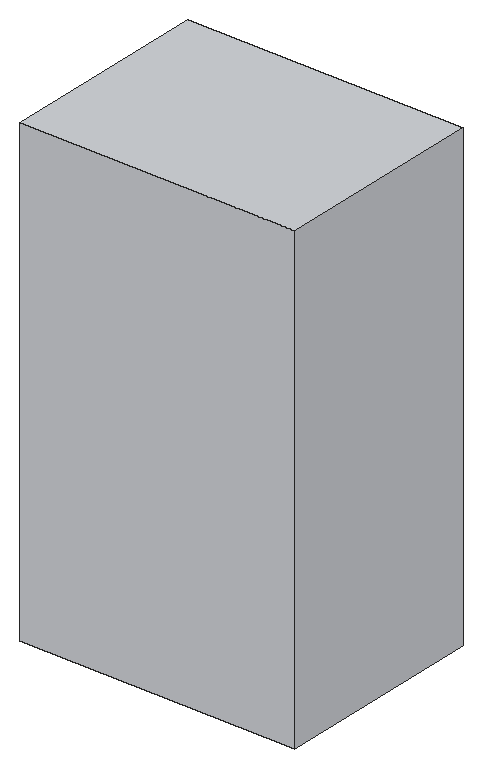
Revit family
Parameters
  Warranty Duration (Years) = 0
  Unit Width [instance] = 1' - 0"
  Unit Height [instance] = 1' - 4"
  Unit Depth = 0' - 0 5/8"
  URL = "http://www.americanspecialties.com/viewCategories.cfm"
  Trim Material = Mirror
  Test Data = ""
  Specification = "http://www.arcat.com/sdspecs/htm/10810asi.htm"
  SpecWizard = ""
  Hardware = Metal - Stainless Steel w/Satin
  Send Message = "http://www.arcat.com/users.pl?action=UserEmail&company=American%20Specialties,%20Inc.&coid=30448&rep=139&fax=914-476-0688&mf="
  Sales Information = "http://www.americanspecialties.com/contact"
  Revision = "R1_10-2010"
  Mirror Radius = 0' - 0 1/32"
  Product Properties = "http://www.americanspecialties.com/datasheets/101.pdf"
  Product Data = "http://www.arcat.com/arcatcos/cos30/arc30448.html"
  Model = "As Specified in 10 28 13"
  Manufacturer Website = "http://www.americanspecialties.com/viewCategories.cfm"
  Manufacturer Phone - Toll Free = ""
  Manufacturer Phone = "914-476-9000 "
  Manufacturer Fax = "914-476-0688"
  Manufacturer Address = "441 Saw Mill River Rd., Yonkers, NY 10701"
  Manufacturer = "American Specialties, Inc."
  Maintenance Schedule (Months) = 0
  Keynote = "10 28 13"
  Installation-Fabrication = "http://www.americanspecialties.com/products.cfm"
  Green Building-LEED = ""
  Frame radius = 0' - 0 1/32"
  Expected Lifespan (Years) = 0
  Drawn By = "Robert S. Weygant. CSI, CDT, SCIP"  # constant formula
  Description = "Toilet Accessory as Specified in 10 28 13"
  Default Elevation = 4' - 0"
  Copyright = "©Arcat Inc."
  Construction Details = "http://www.arcat.com/green/clients/leed_data_30448.html"
  Building Codes = "http://www.americanspecialties.com/products.cfm"
  Body Material = Metal - Stainless Steel w/Satin
  Assembly Code = "C1030210"
Reference planes (in)
  plane 1 "Center (Front/Back)": y = 2.48383
  plane 2 "Floor Line": z = 0
  plane 3 "Center (Left/Right)": x = -0.65843
  plane 4: z = 56
  plane 5: x = -6.65843
  plane 6: x = 5.34157
  plane 7: z = 48
  plane 8: z = 64
  plane 9: y = 10.48383
  plane 10: y = 9.23383
  plane 11: y = -4.26617
  plane 12: y = -5.51617
  plane 13: x = -5.40843
  plane 14: x = 4.09157
  plane 15: z = 0.59375
  plane 16: z = 0.625
  plane 17: z = 0.29687
Forms (in)
  Extrusion 1, solid
    sketch origin (-3, -9, -5.375) x (0, 0, -1) y (1, 0, 0)
      loop
        line (-82, 26) -> (-82, -19.34712) -> (-5.375, -19.34712) -> (-5.375, 26) -> (-82, 26)
    from 9 to -25.60721
  Extrusion 2, solid, material "Metal - Stainless Steel w/Satin" <- "Body Material"
    sketch origin (0, 0, 0) x (1, 0, 0) y (0, 1, 0)
      loop
        arc (-6.62718, 10.48383) -> (-6.64928, 10.47467) -> (-6.65843, 10.45258) r 0.03125
        line (-6.65843, 10.45258) -> (-6.65843, -5.48492)
        arc (-6.65843, -5.48492) -> (-6.64928, -5.50702) -> (-6.62718, -5.51617) r 0.03125
        line (-6.62718, -5.51617) -> (5.31032, -5.51617)
        arc (5.31032, -5.51617) -> (5.33241, -5.50702) -> (5.34157, -5.48492) r 0.03125
        line (5.34157, -5.48492) -> (5.34157, 10.45258)
        arc (5.34157, 10.45258) -> (5.33241, 10.47467) -> (5.31032, 10.48383) r 0.03125
        line (5.31032, 10.48383) -> (-6.62718, 10.48383)
    from 0 to 0.59375
  Extrusion 3, void
    sketch origin (0, 0, 0) x (1, 0, 0) y (0, 1, 0)
      loop
        arc (-5.37718, 9.23383) -> (-5.39928, 9.22467) -> (-5.40843, 9.20258) r 0.03125
        line (-5.40843, 9.20258) -> (-5.40843, -4.23492)
        arc (-5.40843, -4.23492) -> (-5.39928, -4.25702) -> (-5.37718, -4.26617) r 0.03125
        line (-5.37718, -4.26617) -> (4.06032, -4.26617)
        arc (4.06032, -4.26617) -> (4.08241, -4.25702) -> (4.09157, -4.23492) r 0.03125
        line (4.09157, -4.23492) -> (4.09157, 9.20258)
        arc (4.09157, 9.20258) -> (4.08241, 9.22467) -> (4.06032, 9.23383) r 0.03125
        line (4.06032, 9.23383) -> (-5.37718, 9.23383)
    from 0 to 1.55257
  Extrusion 4, solid, material "Mirror" <- "Trim Material"
    sketch origin (0, 0, 0) x (1, 0, 0) y (0, 1, 0)
      loop
        arc (-5.37718, 9.23383) -> (-5.39928, 9.22467) -> (-5.40843, 9.20258) r 0.03125
        line (-5.40843, 9.20258) -> (-5.40843, -4.23492)
        arc (-5.40843, -4.23492) -> (-5.39928, -4.25702) -> (-5.37718, -4.26617) r 0.03125
        line (-5.37718, -4.26617) -> (4.06032, -4.26617)
        arc (4.06032, -4.26617) -> (4.08241, -4.25702) -> (4.09157, -4.23492) r 0.03125
        line (4.09157, -4.23492) -> (4.09157, 9.20258)
        arc (4.09157, 9.20258) -> (4.08241, 9.22467) -> (4.06032, 9.23383) r 0.03125
        line (4.06032, 9.23383) -> (-5.37718, 9.23383)
    from 0 to 0.29687
  Extrusion 5, solid, material "Metal - Stainless Steel w/Satin" <- "Hardware"
    sketch origin (0, 0, 0) x (1, 0, 0) y (0, 1, 0)
      loop
        circle (-0.65843, 9.85883) r 0.25
      loop
        circle (-6.01747, -1.51617) r 0.25
      loop
        circle (-6.01747, 6.48383) r 0.25
      loop
        circle (4.70061, -1.51617) r 0.25
      loop
        circle (4.70061, 6.48383) r 0.25
      loop
        circle (-0.65843, -4.89117) r 0.25
    from 0.59375 to 0.625
Cuts and joins
  Extrusion 3 cuts Extrusion 2
Dimensions and locks (in)
  equal spacing: plane 8, plane 4, plane 7
  "Unit Width": plane 6 to plane 5
  "Unit Height": plane 8 to plane 7
  "Default Elevation": plane 7 to plane 2 "Floor Line"
  equal spacing: plane 6, plane 3 "Center (Left/Right)", plane 5
  locked: plane 5 to plane 13 at 1.25
  locked: plane 9 to plane 10 at 1.25
  locked: plane 14 to plane 6 at 1.25
  locked: plane 11 to plane 12 at 1.25
  "Unit Height": plane 9 to plane 12
  equal spacing: plane 9, plane 1 "Center (Front/Back)", plane 12
  locked: plane 16 to plane 15 at 0.03125
  equal spacing: plane 15, plane 17, level
  "Unit Depth": plane 16 to plane 2 "Floor Line"
  "Mirror Radius": radius of Extrusion 3 sketch curve  (x4)
  "Frame radius": radius of Extrusion 2 sketch curve  (x4)
  "Mirror Radius": radius of Extrusion 4 sketch curve  (x4)
  aligned and locked: Extrusion 2 sketch curve to plane 9
  aligned and locked: Extrusion 2 sketch curve to plane 6
  aligned and locked: Extrusion 3 sketch curve to plane 10
  aligned and locked: Extrusion 3 sketch curve to plane 14
  aligned and locked: cut or joined group of Extrusion 2, Extrusion 3 to cut or joined group of Extrusion 2, Extrusion 3
  aligned and locked: Extrusion 4 sketch curve to cut or joined group of Extrusion 2, Extrusion 3  (x2)
  aligned and locked: plane 15 to cut or joined group of Extrusion 2, Extrusion 3
  aligned and locked: Extrusion 5 to cut or joined group of Extrusion 2, Extrusion 3
  aligned and locked: plane 2 "Floor Line" to level
  aligned and locked: cut or joined group of Extrusion 2, Extrusion 3 to plane 2 "Floor Line"
  aligned and locked: Extrusion 1 to level
  aligned and locked: plane 16 to Extrusion 5
  aligned and locked: Extrusion 4 to plane 2 "Floor Line"
  aligned and locked: plane 2 "Floor Line" to cut or joined group of Extrusion 2, Extrusion 3  (x2)
  aligned and locked: plane 17 to Extrusion 4
Automatic sketch dimensions
  Extrusion 1 sketch curve to Extrusion 1 sketch curve = 6' - 4 5/8"
  Extrusion 1 sketch curve to Extrusion 1 sketch curve = 3' - 9.34712"
  Extrusion 3 sketch curve to plane 13 = 0' - 0"
  Extrusion 3 sketch curve to plane 11 = 0' - 0"
  Extrusion 2 sketch curve to plane 5 = 0' - 0"
  Extrusion 2 sketch curve to plane 12 = 0' - 0"
  Extrusion 4 sketch curve to plane 13 = 0' - 0"
  Extrusion 4 sketch curve to plane 11 = 0' - 0"
  Extrusion 5 sketch curve to plane 13 = 0' - 0.60904"  (x2)
  plane 14 to Extrusion 5 sketch curve = 0' - 0.60904"  (x2)
  Extrusion 5 sketch curve to plane 11 = 0' - 0 5/8"
  plane 11 to Extrusion 5 sketch curve = 0' - 2 3/4"  (x2)
  Extrusion 5 sketch curve to plane 10 = 0' - 2 3/4"  (x2)
  Extrusion 5 sketch curve to plane 9 = 0' - 0 5/8"
  plane 3 "Center (Left/Right)" to Extrusion 5 sketch curve = 0' - 0"  (x2)
  radius of Extrusion 5 sketch curve = 0' - 0 1/4"  (x6)
